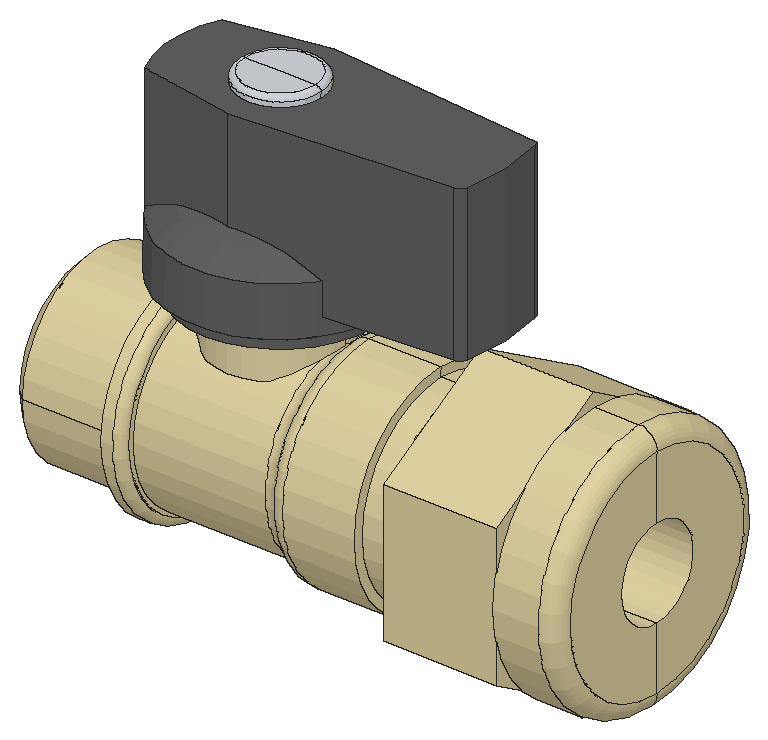
Revit family "QL10410000", category Apparecchi idraulici, Revit 2020
Family settings
  Quota connettore circolare = Usa diametro
  Tipo di parte = Normale
  Numero OmniClass = 23.45.00.00
  Titolo OmniClass = Sanitary, Laundry, and Cleaning Equipment
  Basato su piano di lavoro = No
  Sempre verticale = Sì
  Taglio con vuoti quando caricato = No
  Condiviso = No
  Punto di calcolo locali = No
Parameters
  URL = "https://web.cimberio.com/index.php/figura/49?subcategoria_id=79"
  Temperatura di esercizio = "-20 ÷ 90°C"
  Prospetto di default = 0 mm
  Produttore = "CIMBERIO SPA"
  Pressione nominale = "PN 16"
  Modello = "Cim 072"
  Materiale = "Prodotto in lega di ottone conforme alla norma EN 12165-CW617N-DW"
  Descrizione = "Realizzato in ottemperanza ai requisiti gestionali della norma EN ISO 9001.\r\nUtilizzato per la regolazione della temperatura degli ambienti e comandare apparecchi degli impianti di riscaldamento e condizionamento."
  DN Model [instance] = QL10413113 : QL10413113
  DN [instance] = 9 mm
  Commenti sul tipo = "Utilizzato nei più svariati settori dell'impiantistica: impianti di riscaldamento, condizionamento, idrici, igienico-sanitari, aria compressa e in generale con ogni fluido non corrosivo"
Reference planes
  plane 1 "Centro (Fronte/Retro)": y = 0
  plane 2: z = 0
  plane 3 "Centro (Sinistra/Destra)": x = 0
Dimensions and locks
  aligned and locked: level to plane 2
Nested families
  nested 1: "QL10413113" at (0, 0, 0), type <- "DN Model", type "QL10413113"
  nested 2: "QL10413113" at (0, 0, 0), type <- "DN Model", type "QL10413113"
  nested 3: "QL10413113" at (0, 0, 0), type <- "DN Model", type "QL10413113"
Connectors
  piping at (34.72, 0, 0), diameter 9, driven by "DN"
    settings: on nested 1, index 1, connector inside diameter 609.6 mm, connector length 0 mm, flow factor 0, pipe flow 0.0 L/s, pressure drop 0.0 Pa, fitting loss kfactor 0, connector angle 0.00°, fixture units 0, engagement length 0 mm, angle of deflection 0.00°, flow configuration 0, flow direction 0, fitting loss method 0, system type 7, joint type 0, gender type 0, connector reference index -1, connector utility 0, adjustable connector no, is connector primary yes, connector description ""
  piping at (-21.5, 0, 0), diameter 9, driven by "DN"
    settings: on nested 1, index 2, connector inside diameter 609.6 mm, connector length 0 mm, flow factor 0, pipe flow 0.0 L/s, pressure drop 0.0 Pa, fitting loss kfactor 0, connector angle 0.00°, fixture units 0, engagement length 0 mm, angle of deflection 0.00°, flow configuration 0, flow direction 0, fitting loss method 0, system type 7, joint type 0, gender type 0, connector reference index -1, connector utility 0, adjustable connector no, is connector primary no, connector description ""
Definition of nested family "QL10413113"
  Parameters (values of type "QL10413113")
    URL = "https://web.cimberio.com/index.php/figura/1418?subcategoria_id="
    Temperatura di esercizio = "-10 ÷ 110°C"
    Default Elevation = 0 mm
    Manufacturer = "CIMBERIO SPA"
    Pressione nominale = "PN 10"
    Model = "Cim 150VIC"
    Materiale = "Prodotto in lega di ottone conforme alla norma EN 12165-CW617N-DW"
    Description = "Utilizzato nei più svariati settori dell'impiantistica: impianti di riscaldamento, condizionamento, idrici, igienico-sanitari e in generale con ogni fluido non corrosivo"
    DN Model [instance] = HG00081015 : HG00081015
    DN [instance] = 15 mm
    Type Comments = "Realizzato in ottemperanza ai requisiti gestionali della norma EN ISO 9001.\r\nCollaudato al 100% secondo la normativa EN 12266-1"
  Reference planes
    plane 1 "Centro (Fronte/Retro)": y = 0
    plane 2: z = 0
    plane 3 "Centro (Sinistra/Destra)": x = 0
  Forms (mm)
    Revolve 1, solid
      sketch origin (1.72, 0, -14.009) x (1, 0, 0) y (0, 0, 1)
        loop
          line (-13.65, 29.159) -> (-12.068, 28.245) -> (-12.068, 27.3) -> (-1.75, 27.3) -> (-1.75, 38.235)
          arc (-1.75, 38.235) -> (-7.968, 37.443) -> (-13.555, 34.603) r 18.326
          line (-13.555, 34.603) -> (-13.65, 29.159)
        axis (-1.75, 27.3) -> (-1.75, 38.235)
      angle from 0 to 360
    Revolve 2, solid
      sketch origin (1.75, 0, -13.99) x (1, 0, 0) y (0, 0, 1)
        loop
          line (-6.25, 48.586) -> (-6.25, 47.06) -> (-1.75, 47.06) -> (-1.75, 49.1) -> (-5.644, 49.1)
          arc (-5.644, 49.1) -> (-6.041, 48.954) -> (-6.25, 48.586) r 0.614
        axis (-1.75, 49.1) -> (-1.75, 47.06)
      angle from 0 to 360
    Extrusion 3, solid
      sketch origin (1.564, 0, -13.989) x (1, 0, 0) y (0, 1, 0)
        loop
          line (-1.55, -7.358) -> (21.897, -5.374)
          arc (21.897, -5.374) -> (22.482, -5.121) -> (22.795, -4.565) r 1
          arc (22.795, -4.565) -> (23.239, 0.126) -> (22.795, 4.817) r 25
          arc (22.795, 4.817) -> (22.645, 5.184) -> (22.364, 5.464) r 1
          line (22.364, 5.464) -> (-1.549, 7.359) -> (-12.286, 5.325)
          arc (-12.286, 5.325) -> (-13.555, -0.054) -> (-12.237, -5.422) r 11.805
          line (-12.237, -5.422) -> (-1.55, -7.358)
      from 31.045 to 48.089
    Revolve 4, solid
      sketch origin (0, 0, 0) x (1, 0, 0) y (0, 0, 1)
        loop
          line (-8, -5) -> (-8, -10.5) -> (6.672, -10.5)
          arc (6.672, -10.5) -> (7.548, -10.695) -> (8.261, -11.242) r 2.073
          arc (8.261, -11.242) -> (8.958, -11.8) -> (9.828, -12) r 2
          line (9.828, -12) -> (17.8, -12) -> (17.8, -11) -> (20.3, -11) -> (22.22, -12.884) -> (22.22, -5) -> (-8, -5)
        axis (-8, 0) -> (22.22, 0)
      angle from 0 to 360
    Extrusion 5, solid
      sketch origin (0, 0, 0) x (0, 1, 0) y (0, 0, -1)
        loop
          circle (0, 0) r 5
        loop
          line (0, -15.5) -> (13.423, -7.75) -> (13.423, 7.75) -> (0, 15.5) -> (-13.423, 7.75) -> (-13.423, -7.75) -> (0, -15.5)
      from -34.72 to -22.22
    Revolve 6, solid
      sketch origin (0, 0, 0) x (1, 0, 0) y (0, 0, 1)
        loop
          line (34.72, 5) -> (41.72, 5) -> (41.72, 12)
          arc (41.72, 12) -> (41.134, 13.414) -> (39.72, 14) r 2
          line (39.72, 14) -> (34.72, 14) -> (34.72, 5)
        axis (41.72, 0) -> (34.72, 0)
      angle from 0 to 360
    Revolve 7, solid
      sketch origin (0, 0, 0) x (1, 0, 0) y (0, 0, 1)
        loop
          line (-7.25, 15.629) -> (-7.25, 8.309) -> (-5, 8.309) -> (-5, 15.629) -> (-7.25, 15.629)
        axis (0, 15.629) -> (0, 8.309)
      angle from 0 to 360
    Revolve 8, solid
      sketch origin (4.71, 0, 0) x (1, 0, 0) y (0, 1, 0)
        loop
          line (-24.91, 10.45) -> (-26.21, 9.15) -> (-26.21, 5) -> (-15.01, 5) -> (-15.01, 10.45) -> (-24.91, 10.45)
        axis (-26.21, 0) -> (-15.01, 0)
      angle from 0 to 360
    Revolve 9, solid
      sketch origin (0, 0, 0) x (1, 0, 0) y (0, 0, 1)
        loop
          line (-10.3, -5) -> (-10.3, -12) -> (-9, -12)
          arc (-9, -12) -> (-8.293, -11.707) -> (-8, -11) r 1
          line (-8, -11) -> (-8, -5) -> (-10.3, -5)
        axis (-10.3, 0) -> (-8, 0)
      angle from 0 to 360
  Dimensions and locks
    aligned and locked: level to plane 2
